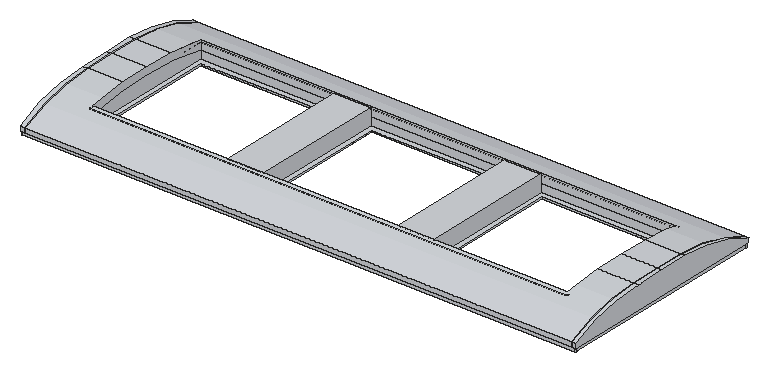
Revit family "Gira_021371", category Electrical Fixtures, host Face, Revit 2017
Family settings
  Host = Face
  Maintain Annotation Orientation = No
  Round Connector Dimension = Use Diameter
  Part Type = Normal
  Cut with Voids When Loaded = No
  Shared = No
  Room Calculation Point = No
Parameters (values of type "Abdeckrahmen 3f Zwischenr. F Alu Gira Event Reinweiß m")
  Werkstoffgüte = "Thermoplast"
  Werkstoff = "Kunststoff"
  URL = "http://katalog.gira.de/de_DE/datenblatt.html?artikelnr=021371"
  Transparent = "No"
  Textfeld/Beschriftungsfläche = "No"
  Schutzart (IP) = "IP20"
  Region = "DE"
  Oberfläche = "sonstige"
  Name = "Abdeckrahmen 3f Zwischenr. F Alu Gira Event Reinweiß m"
  Montagerichtung = "horizontal und vertikal"
  Mit Montagerahmen = "No"
  Mit Klappdeckel = "No"
  Manufacturer URL = "https://www.gira.de/"
  Keynote = "Event_Rahmen_3fach"
  HeinzeBIM = "https://bimportal.heinze.de/bim/abdeckrahmen-3f-zwischenr-f-alu-gira-event-reinweiss-m/993e460db8a90d52be7fa70ae7cf5f6dd920997e"
  Halogenfrei = "Yes"
  HAN = "021371"
  Geeignet für Unterputz-Installation = "Yes"
  Geeignet für Unterflurkanaldose = "No"
  Geeignet für Geräteeinbaukanal = "No"
  Geeignet für Einbauinstallation = "No"
  GTIN = "4010337213710"
  Farbe = "weiß"
  Default Elevation = 1219.2 mm
  Data sheet (1) = "https://katalog.gira.de/de_DE/download.html?artikelnr=021371"
  Category = "Abdeckrahmen"
  Befestigungsart = "Klemmbefestigung"
  Available = "Yes"
  Ausführung der Oberfläche = "matt"
  Anzahl der Einheiten vertikal = "3 "
  Anzahl der Einheiten horizontal = "3 "
  Anzahl der Einheiten = "3 "
Reference planes
  plane 1 "Center (Front/Back)": y = 0
  plane 2: z = 0
  plane 3 "Center (Left/Right)": x = 0
Forms (mm)
  Extrusion 1, solid, detail levels fine
    sketch origin (0, 0, 0.05) x (0, 1, 0) y (0, 0, 1)
      loop
        arc (12.445, 9.683) -> (6.223, 9.833) -> (0, 9.85) r 291.636
        arc (0, 9.85) -> (-6.223, 9.833) -> (-12.445, 9.683) r 291.636
        arc (-12.445, 9.683) -> (-29.14, 7.482) -> (-45, 1.823) r 79.728
        line (-45, 1.823) -> (-45, -0.05) -> (-42.086, -0.05)
        arc (-42.086, -0.05) -> (-21.385, 5.559) -> (0, 7.206) r 114.424
        arc (0, 7.206) -> (21.385, 5.559) -> (42.086, -0.05) r 114.424
        line (42.086, -0.05) -> (45, -0.05) -> (45, 1.823)
        arc (45, 1.823) -> (29.14, 7.482) -> (12.445, 9.683) r 79.728
    from -114.3 to 114.3
  Extrusion 2, void, detail levels fine
    sketch origin (0, 0, 0) x (1, 0, 0) y (0, 1, 0)
      loop
        line (-99.355, -28.053) -> (99.355, -28.053) -> (99.355, 28.053) -> (-99.355, 28.053) -> (-99.355, -28.053)
    from 0.724 to 11
  Extrusion 3, solid, detail levels coarse
    sketch origin (0, 0, 0) x (1, 0, 0) y (0, 1, 0)
      loop
        line (-116.3, 45) -> (-116.3, -45) -> (116.3, -45) -> (116.3, 45) -> (-116.3, 45)
    from -1.5 to 9.9
  Extrusion 4, solid, detail levels medium
    sketch origin (0, 0, 0.05) x (0, 1, 0) y (0, 0, 1)
      loop
        arc (12.445, 9.683) -> (6.223, 9.833) -> (0, 9.85) r 291.636
        arc (0, 9.85) -> (-6.223, 9.833) -> (-12.445, 9.683) r 291.636
        arc (-12.445, 9.683) -> (-29.14, 7.482) -> (-45, 1.823) r 79.728
        line (-45, 1.823) -> (-45, -0.05) -> (45, -0.05) -> (45, 1.823)
        arc (45, 1.823) -> (29.14, 7.482) -> (12.445, 9.683) r 79.728
    from -116.3 to 116.3
  Extrusion 5, solid, detail levels fine
    sketch origin (-71.3, 0, -1.5) x (0, 1, 0) y (0, 0, -1)
      loop
        line (45, -3.373) -> (45, -1.5) -> (-45, -1.5) -> (-45, -3.373)
        arc (-45, -3.373) -> (-29.14, -9.032) -> (-12.445, -11.233) r 79.728
        arc (-12.445, -11.233) -> (-6.223, -11.383) -> (0, -11.4) r 291.636
        arc (0, -11.4) -> (6.223, -11.383) -> (12.445, -11.233) r 291.636
        arc (12.445, -11.233) -> (29.14, -9.032) -> (45, -3.373) r 79.728
    from 43 to 45
  Extrusion 6, solid, detail levels fine
    sketch origin (0, 0, 0) x (1, 0, 0) y (0, 1, 0)
      loop
        line (-97.195, 25.7) -> (-97.195, -25.7) -> (-45.395, -25.7) -> (-45.395, 25.7) -> (-97.195, 25.7)
      loop
        line (25.9, -25.7) -> (25.9, 25.7) -> (-25.9, 25.7) -> (-25.9, -25.7) -> (25.9, -25.7)
      loop
        line (-100.19, 28.49) -> (-100.19, -28.495)
        spline (-100.19, -28.495) -> (-100.181, -28.625) -> (-100.156, -28.754) -> (-100.113, -28.878) -> (-100.056, -28.995) -> (-99.983, -29.104) -> (-99.897, -29.202) -> (-99.798, -29.288) -> (-99.69, -29.361) -> (-99.572, -29.419) -> (-99.448, -29.461) -> (-99.32, -29.486) -> (-99.19, -29.495)
        line (-99.19, -29.495) -> (99.195, -29.495)
        spline (99.195, -29.495) -> (99.325, -29.486) -> (99.454, -29.461) -> (99.578, -29.419) -> (99.695, -29.361) -> (99.804, -29.288) -> (99.902, -29.202) -> (99.988, -29.104) -> (100.061, -28.995) -> (100.119, -28.878) -> (100.161, -28.754) -> (100.186, -28.625) -> (100.195, -28.495)
        line (100.195, -28.495) -> (100.195, 28.49)
        spline (100.195, 28.49) -> (100.186, 28.62) -> (100.161, 28.748) -> (100.119, 28.872) -> (100.061, 28.99) -> (99.988, 29.098) -> (99.902, 29.197) -> (99.804, 29.283) -> (99.695, 29.356) -> (99.578, 29.413) -> (99.454, 29.456) -> (99.325, 29.481) -> (99.195, 29.49)
        line (99.195, 29.49) -> (-99.19, 29.49)
        spline (-99.19, 29.49) -> (-99.32, 29.481) -> (-99.448, 29.456) -> (-99.572, 29.413) -> (-99.69, 29.356) -> (-99.798, 29.283) -> (-99.897, 29.197) -> (-99.983, 29.098) -> (-100.056, 28.99) -> (-100.113, 28.872) -> (-100.156, 28.748) -> (-100.181, 28.62) -> (-100.19, 28.49)
      loop
        line (97.2, -25.7) -> (97.2, 25.7) -> (45.4, 25.7) -> (45.4, -25.7) -> (97.2, -25.7)
    from 0.1 to 7.3
  Extrusion 7, solid
    sketch origin (0, 0, 0) x (1, 0, 0) y (0, 1, 0)
      loop
        arc (-116, -44.2) -> (-115.854, -44.554) -> (-115.5, -44.7) r 0.5
        line (-115.5, -44.7) -> (115.5, -44.7)
        arc (115.5, -44.7) -> (115.854, -44.554) -> (116, -44.2) r 0.5
        line (116, -44.2) -> (116, 44.2)
        arc (116, 44.2) -> (115.854, 44.554) -> (115.5, 44.7) r 0.5
        line (115.5, 44.7) -> (-115.5, 44.7)
        arc (-115.5, 44.7) -> (-115.854, 44.554) -> (-116, 44.2) r 0.5
        line (-116, 44.2) -> (-116, -44.2)
      loop
        line (-114.3, 43) -> (-114.3, -43) -> (114.3, -43) -> (114.3, 43) -> (-114.3, 43)
    from -1.5 to 0.5
  Extrusion 8, solid, detail levels fine
    sketch origin (71.3, 0, -1.5) x (0, 1, 0) y (0, 0, 1)
      loop
        arc (45, 3.373) -> (29.14, 9.032) -> (12.445, 11.233) r 79.728
        arc (12.445, 11.233) -> (6.223, 11.383) -> (0, 11.4) r 291.636
        arc (0, 11.4) -> (-6.223, 11.383) -> (-12.445, 11.233) r 291.636
        arc (-12.445, 11.233) -> (-29.14, 9.032) -> (-45, 3.373) r 79.728
        line (-45, 3.373) -> (-45, 1.5) -> (45, 1.5) -> (45, 3.373)
    from 43 to 45
  Extrusion 9, solid, detail levels medium
    sketch origin (0, 0, 0) x (1, 0, 0) y (0, 1, 0)
      loop
        line (-116, -44.7) -> (116, -44.7) -> (116, 44.7) -> (-116, 44.7) -> (-116, -44.7)
    from -1.5 to 0.5
  Extrusion 10, solid, detail levels fine
    sketch origin (-34.207, 0, 0) x (1, 0, 0) y (0, 1, 0)
      loop
        line (-8.943, 28.063) -> (-8.943, -27.937) -> (6.057, -27.937) -> (6.057, 28.063) -> (-8.943, 28.063)
    from 0.724 to 7.566
  Extrusion 11, solid, detail levels fine
    sketch origin (34.207, 0, 0) x (-1, 0, 0) y (0, -1, 0)
      loop
        line (-8.943, -28.063) -> (6.057, -28.063) -> (6.057, 27.937) -> (-8.943, 27.937) -> (-8.943, -28.063)
    from 0.724 to 7.566
Cuts and joins
  Extrusion 2 cuts Extrusion 1
  Extrusion 2 cuts Extrusion 6
Dimensions and locks
  aligned and locked: plane 2 to host face
  aligned and locked: level to host face
